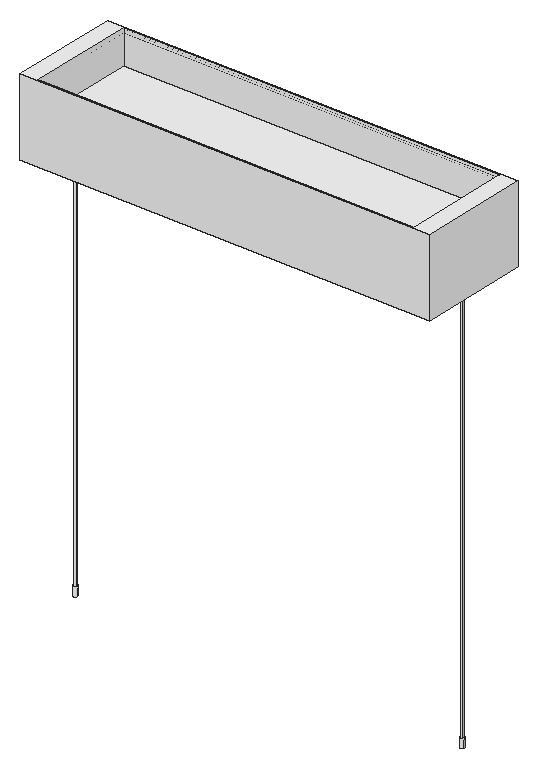
Revit family "MOD 6-P-D", category Lighting Fixtures, host Face, Revit 2021
Family settings
  Host = Face
  Round Connector Dimension = Use Diameter
  Part Type = Normal
  OmniClass Number = 23.80.70.11.14.17
  OmniClass Title = Direct/Indirect
  Cut with Voids When Loaded = No
  Light Source = Yes
  Shared = Yes
  Room Calculation Point = No
Parameters (values of type "MOD6-P-D-02")
  Wattage = 19.4 W
  Warranty = "5-Years Warranty"  # constant formula
  built-in parameter 1150110 = 1 (stored number, unit not read)
  Voltage = 120 V
  Type Comments = "Lighting Fixture"  # constant formula
  built-in parameter 1114217 = 1 (stored number, unit not read)
  Tilt Angle = -90.00°
  built-in parameter 1150109 = 1 (stored number, unit not read)
  built-in parameter 1150134 = (empty or 0)
  built-in parameter 1150113 = 1 (stored number, unit not read)
  Product Page URL = ""
  Product Documentation Link = ""
  Power Factor = 1
  Photometric Web File = "6L-P-D-4-SOF-X-CX-35K-D100.IES"
  Photometric Notes = "More IES files download on Photometric Link"  # constant formula
  Pendant Height [instance] = 2' - 0"
  zz Length 1 = 2' - 0"
  Wattage Comments = ""
  URL = "https://www.currentlighting.com/litecontrol"
  Mounting = "Pendant"  # constant formula
  Model = "MOD 6 LED Pendant Direct"  # constant formula
  Manufacturer = "Litecontrol"  # constant formula
  built-in parameter 1150105 = 158.97 (stored number, unit not read)
  Lumens = 1998.2 lm
  built-in parameter 1150115 = 1 (stored number, unit not read)
  Load Classification = Lighting
  built-in parameter 1150137 = (empty or 0)
  built-in parameter 1150139 = (empty or 0)
  built-in parameter 1150112 = 1 (stored number, unit not read)
  built-in parameter 1150114 = 1 (stored number, unit not read)
  Lamp = "LED"  # constant formula
  built-in parameter 1150132 = (empty or 0)
  built-in parameter 1150102 = (empty or 0)
  built-in parameter 1150107 = 3500 (stored number, unit not read)
  built-in parameter 1150138 = (empty or 0)
  built-in parameter 1150106 = 1.5897 (stored number, unit not read)
  Glass = Glass -  White
  Fixture Distribution = "Direct"  # constant formula
  Emit from Rectangle Width = zz Length 1 - 0' 2"  # 1' - 10"
  Emit from Rectangle Length = 0' - 6 1/4"  # constant formula
  Emit Shape Visible in Rendering = no
  built-in parameter 1150104 = 9.569 (stored number, unit not read)
  Dimming Lamp Color Temperature Shift = <None>
  Description = "The MOD family is an affordably-priced, full-featured offering with best-in-class attention to detail."  # constant formula
  Default Elevation = 4' - 0"
  Copyright = "Copyright ©  Litecontrol"  # constant formula
  Contact Us = ""
  Color Filter = 16777215
  built-in parameter 1114218 = 1 (stored number, unit not read)
  Housing Material = Paint -  Matte White
  built-in parameter 1150133 = 10 (stored number, unit not read)
  Assembly Code = "D5020200"
  Apparent Load = 0 VA
Types (7): name | Wattage | zz Length 1 | built-in parameter 1150105 | Lumens | built-in parameter 1150106 | Emit from Rectangle Width
  (no name) | 19.4 W | 2' - 0" | 158.97 (stored number, unit not read) | 1998.2 lm | 1.5897 (stored number, unit not read) | 1' - 10"
  MOD6-P-D-02 | 19.4 W | 2' - 0" | 158.97 (stored number, unit not read) | 1998.2 lm | 1.5897 (stored number, unit not read) | 1' - 10"
  MOD6-P-D-03 | 29.1 W | 3' - 0" | 238.45 (stored number, unit not read) | 2997.3 lm | 2.3845 (stored number, unit not read) | 2' - 10"
  MOD6-P-D-04 | 38.8 W | 4' - 0" | 317.93 (stored number, unit not read) | 3996.4 lm | 3.1793 (stored number, unit not read) | 3' - 10"
  MOD6-P-D-05 | 48.5 W | 5' - 0" | 397.41 (stored number, unit not read) | 4995.5 lm | 3.9741 (stored number, unit not read) | 4' - 10"
  MOD6-P-D-06 | 58.2 W | 6' - 0" | 476.9 (stored number, unit not read) | 5994.6 lm | 4.769 (stored number, unit not read) | 5' - 10"
  MOD6-P-D-08 | 77.6 W | 8' - 0" | 635.86 (stored number, unit not read) | 7992.8 lm | 6.3586 (stored number, unit not read) | 7' - 10"
Reference planes (in)
  plane 1 "Center (Front/Back)": y = 13.01342
  plane 2: z = 0
  plane 3 "Center (Left/Right)": x = 0
  plane 4: z = 24
  plane 5: x = -12
  plane 6: x = 12
  plane 7: x = -11.3125
  plane 8: x = 11.3125
  plane 9: z = 0.5
  plane 10: z = 26.75
Forms (in)
  Revolve 1, solid, material "Paint -  Matte White" <- "Housing Material"
    sketch origin (-5.75, 13.01342, 0) x (-1, 0, 0) y (0, 0, 1)
      loop
        line (-17.0625, 24) -> (-17.0625, 0) -> (-16.9375, 0) -> (-16.9375, 0.5) -> (-17, 0.5) -> (-17, 23.5) -> (-16.9375, 23.5) -> (-16.9375, 24) -> (-17.0625, 24)
      axis (-17.0625, 24) -> (-17.0625, 0)
    angle from 0 to 360
  Revolve 2, solid, material "Paint -  Matte White" <- "Housing Material"
    sketch origin (5.75, 13.01342, 0) x (1, 0, 0) y (0, 0, 1)
      loop
        line (-17.0625, 24) -> (-17.0625, 0) -> (-16.9375, 0) -> (-16.9375, 0.5) -> (-17, 0.5) -> (-17, 23.5) -> (-16.9375, 23.5) -> (-16.9375, 24) -> (-17.0625, 24)
      axis (-17.0625, 24) -> (-17.0625, 0)
    angle from 0 to 360
Dimensions and locks (in)
  "Pendant Height": plane 4 to level
  equal spacing: plane 6, plane 3 "Center (Left/Right)", plane 5
  "zz Length 1": plane 6 to plane 5
  locked: plane 9 to plane 2 at 0.5
  locked: plane 7 to plane 5 at 0.6875
  locked: plane 6 to plane 8 at 0.6875
  locked: plane 10 to plane 4 at 2.75
  aligned and locked: plane 2 to host face
  aligned and locked: level to host face
  aligned and locked: Revolve 1 sketch curve to Revolve 1 sketch curve
  aligned and locked: Revolve 1 sketch curve to plane 8
  aligned and locked: plane 4 to Revolve 1 sketch curve
  aligned and locked: Revolve 1 sketch curve to level
  aligned and locked: plane 3 "Center (Left/Right)" to nested 1
  aligned and locked: plane 1 "Center (Front/Back)" to nested 1
  aligned and locked: Revolve 2 sketch curve to Revolve 2 sketch curve
  aligned and locked: plane 9 to Revolve 2
  aligned and locked: Revolve 1 to plane 9
  aligned and locked: plane 10 to imposter light
  aligned and locked: plane 3 "Center (Left/Right)" to imposter light
  aligned and locked: plane 2 to Revolve 2
Automatic sketch dimensions
  host sketch curve to host sketch curve = 8' - 0"  (x2)
  Revolve 1 sketch curve to plane 9 = 0' - 0"
  plane 8 to Revolve 1 sketch curve = 0' - 0 1/16"
  plane 8 to Revolve 1 sketch curve = 0' - 0 1/8"
  Revolve 1 sketch curve to Revolve 1 sketch curve = 0' - 0 1/16"
  Revolve 1 sketch curve to plane 9 = 0' - 0.66777"
  Revolve 1 sketch curve to Revolve 1 sketch curve = 0' - 9.83778"
  Revolve 2 sketch curve to plane 7 = 0' - 0"
  plane 9 to Revolve 2 sketch curve = 0' - 0"
  Revolve 2 sketch curve to level = 0' - 0"
  Revolve 2 sketch curve to plane 4 = 0' - 0"
  plane 7 to Revolve 2 sketch curve = 0' - 0 1/16"
  plane 7 to Revolve 2 sketch curve = 0' - 0 1/8"
  Revolve 2 sketch curve to Revolve 2 sketch curve = 0' - 0 1/16"
  plane 9 to Revolve 2 sketch curve = 0' - 0.66777"
  Revolve 2 sketch curve to Revolve 2 sketch curve = 0' - 9.83778"
  plane 4 to Revolve 1 sketch curve = 0' - 0 1/2"
  Revolve 2 sketch curve to plane 4 = 0' - 0 1/2"
Nested families (in)
  nested 1: "6-P" at (-0.01104, 12.97343, 24), Glass <- "Glass", Backbox <- "Housing Material", Length <- "zz Length 1", type "6-P"
    with Length 2' - 0", Glass Glass -  White, Backbox Paint -  Matte White
Connectors (in)
  electrical at (0, 13.01342, 24), driven by "Load Classification", driven by "Voltage", driven by "Apparent Load", driven by "Power Factor"
    settings: on nested 1, index 1, voltage 120 V, apparent load 0 VA, apparent load phase1 0 VA, apparent load phase2 0 VA, apparent load phase3 0 VA, power factor 1, load classification "Lighting", number of poles 1, system type 30, power factor state 1, is connector primary yes, connector utility no, sub classification motor no, connector description "Electrical Connector"
Definition of nested family "6-P"
  Parameters
    Wattage Comments = ""
    URL = ""
    Model = ""
    Manufacturer = ""
    Length [instance] = 2' - 0"
    Lamp = ""
    Glass [instance] = none
    Description = ""
    Default Elevation = 4' - 0"
    Backbox [instance] = none
    Apparent Load = 0 VA
  Reference planes (in)
    plane 1 "Center (Front/Back)": y = 0.03999
    plane 2: z = 0
    plane 3 "Center (Left/Right)": x = 0.01104
    plane 4: z = 4.5
    plane 5: x = -11.98896
    plane 6: x = 12.01104
    plane 7: x = -10.98896
    plane 8: x = 11.01104
    plane 9: y = 3.16499
    plane 10: y = -3.08501
    plane 11: y = -3.17501
    plane 12: y = 3.25499
    plane 13: z = 4.375
    plane 14: z = 4.25
    plane 15: z = 2.5
  Forms (in)
    Extrusion 1, solid
      sketch origin (0, 0, 0.06357) x (1, 0, 0) y (0, 1, 0)
        loop
          line (-48, 48) -> (-48, -48) -> (48, -48) -> (48, 48) -> (-48, 48)
      from -0.06357 to -12.81105
    Extrusion 2, void
      sketch origin (-23.78896, 8.13374, 2) x (0, -1, 0) y (1, 0, 0)
        loop
          line (4.96875, 12.8) -> (11.21875, 12.8) -> (11.21875, 34.8) -> (4.96875, 34.8) -> (4.96875, 12.8)
      from 2.5 to 0.5
    Extrusion 3, solid, material <- "Backbox"
      sketch origin (0.01104, 0, 0) x (0, 1, 0) y (0, 0, 1)
        loop
          line (3.25499, 4.5) -> (-3.17501, 4.5) -> (-3.17501, 0) -> (3.25499, 0) -> (3.25499, 4.5)
      from -12 to 12
    Extrusion 4, solid, material <- "Glass"
      sketch origin (0, 0, 0) x (1, 0, 0) y (0, 1, 0)
        loop
          line (-10.98896, 3.16499) -> (-10.98896, -3.08501) -> (11.01104, -3.08501) -> (11.01104, 3.16499) -> (-10.98896, 3.16499)
      from 4.25 to 4.375
  Cuts and joins
    Extrusion 2 cuts Extrusion 3
  Dimensions and locks (in)
    "Length": plane 6 to plane 5
    locked: plane 7 to plane 5 at 1
    locked: plane 6 to plane 8 at 1
    equal spacing: plane 6, plane 3 "Center (Left/Right)", plane 5
    plane 4 to plane 2 = 0' - 4 1/2"
    locked: plane 4 to plane 13 at 0.125
    locked: plane 13 to plane 14 at 0.125
    plane 12 to plane 11 = 0' - 6.43"
    equal spacing: plane 12, plane 1 "Center (Front/Back)", plane 11
    equal spacing: plane 9, plane 1 "Center (Front/Back)", plane 10
    plane 4 to plane 15 = 0' - 2"
    plane 1 "Center (Front/Back)" to plane 11 = 0' - 3.215"
    plane 1 "Center (Front/Back)" to plane 10 = 0' - 3 1/8"
    plane 9 to plane 10 = 0' - 6 1/4"
    aligned and locked: plane 2 to Extrusion 1
    aligned and locked: plane 9 to Extrusion 2 sketch curve
    aligned and locked: plane 10 to Extrusion 2 sketch curve
    aligned and locked: plane 4 to Extrusion 3 sketch curve
    aligned and locked: plane 12 to Extrusion 3 sketch curve
    aligned and locked: Extrusion 3 sketch curve to level
    aligned and locked: plane 11 to Extrusion 3 sketch curve
    aligned and locked: Extrusion 3 to plane 5
    aligned and locked: plane 6 to Extrusion 3
    aligned and locked: plane 8 to Extrusion 2
    aligned and locked: Extrusion 2 to plane 7
    aligned and locked: plane 4 to Extrusion 2
    aligned and locked: Extrusion 4 sketch curve to cut or joined group of Extrusion 2, Extrusion 3  (x4)
    aligned and locked: Extrusion 4 to plane 14
    aligned and locked: plane 13 to Extrusion 4
    aligned and locked: plane 15 to Extrusion 2
  Automatic sketch dimensions
    Extrusion 1 sketch curve to Extrusion 1 sketch curve = 8' - 0"  (x2)
    Extrusion 2 sketch curve to plane 7 = 0' - 0"
    Extrusion 2 sketch curve to plane 8 = 0' - 0"
